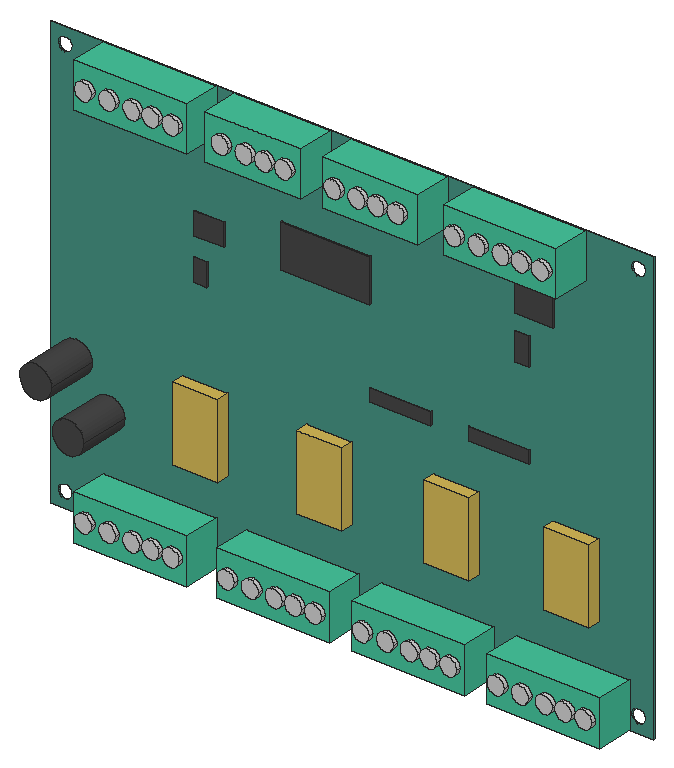
Revit family "TYCO-FPP-FireClass - FC410QIO QUAD IO MODULE", category Electrical Fixtures, Revit 2014
Parameters (values of type "TYCO-FPP-FireClass - FC410QIO QUAD IO MODULE")
  Width = 134 mm  # constant formula
  URL = "https://fireclass.co.uk/en/emea/Pages/ProductDetail.aspx?productdetail=Addressable+Modules"
  Type Comments = "The digital input monitoring and isolator functions are both\r\nconfigurable."
  Storage Temparature = "40 to +80 oC"
  ST = ST12
  Relay Output = "2A@30Vdc"
  RSS = res
  RS = RS
  PCB = PCB
  Operating Temperature = "-20 to +70 oC"
  Operating Humidity = "Up to 95 %"
  Model = "FireClass - 555.800.771"
  Manufacturer = "Tyco"
  Length = 96 mm  # constant formula
  Keynote = "The FC410QIO Quad Input/Output Module is designed to\r\nprovide four monitored digital inputs and four potential free relay\r\nchangeover outputs."
  Input EOL = "3k3 Ohm"
  Description = "Quad Input/ Output Unit"
  Approvals = "EN54-17, EN54-18 and\r\nEN54-13"
Reference planes
  plane 1 "Center (Front/Back)": y = 0
  plane 2: z = 0
  plane 3 "Center (Left/Right)": x = 0
  plane 4: z = 48
  plane 5: z = -48
  plane 6: x = -67
  plane 7: x = 67
Forms (mm)
  Extrusion 1, solid, material "PCB" <- "PCB", detail levels fine
    sketch origin (0, 0, 0) x (1, 0, 0) y (0, 0, 1)
      loop
        line (-67, 48) -> (-67, -48) -> (67, -48) -> (67, 48) -> (-67, 48)
      loop
        circle (63.688, 44.524) r 1.524
      loop
        circle (63.688, -44.524) r 1.524
      loop
        circle (-63.688, 44.524) r 1.524
      loop
        circle (-63.688, -44.524) r 1.524
    from 0 to -0.202
  Extrusion 2, solid, material "ST12" <- "ST", detail levels fine
    sketch origin (0, 0, 0) x (1, 0, 0) y (0, 0, 1)
      loop
        circle (-54.105, -25.495) r 3.518
      loop
        circle (-61.311, -16.907) r 3.518
    from 0 to 11.235
  Extrusion 3, solid, material "RS" <- "RS", detail levels fine
    sketch origin (0, 0, 0) x (1, 0, 0) y (0, 0, 1)
      loop
        line (-37.627, -28.782) -> (-27.627, -28.782) -> (-27.627, -12.282) -> (-37.627, -12.282) -> (-37.627, -28.782)
      loop
        line (-10, -28.782) -> (0, -28.782) -> (0, -12.282) -> (-10, -12.282) -> (-10, -28.782)
      loop
        line (18.186, -28.782) -> (28.186, -28.782) -> (28.186, -12.282) -> (18.186, -12.282) -> (18.186, -28.782)
      loop
        line (44.729, -28.782) -> (54.729, -28.782) -> (54.729, -12.282) -> (44.729, -12.282) -> (44.729, -28.782)
    from 0 to 2.827
  Extrusion 4, solid, material "ST12" <- "ST", detail levels fine
    sketch origin (0, 0, 0) x (1, 0, 0) y (0, 0, 1)
      loop
        line (-34.99, 21.563) -> (-34.99, 16.563) -> (-28.417, 16.563) -> (-28.417, 21.563) -> (-34.99, 21.563)
      loop
        line (-15.625, 26.182) -> (-15.625, 16.563) -> (4.095, 16.563) -> (4.095, 26.182) -> (-15.625, 26.182)
      loop
        line (4.095, -2.777) -> (17.598, -2.777) -> (17.598, 0) -> (4.095, 0) -> (4.095, -2.777)
      loop
        line (25.948, -2.777) -> (39.45, -2.777) -> (39.45, 0) -> (25.948, 0) -> (25.948, -2.777)
      loop
        line (-34.99, 12.307) -> (-34.99, 7.307) -> (-32.066, 7.307) -> (-32.066, 12.307) -> (-34.99, 12.307)
      loop
        line (36.272, 33.568) -> (36.272, 26.182) -> (44.799, 26.182) -> (44.799, 33.568) -> (36.272, 33.568)
      loop
        line (36.272, 22.704) -> (36.272, 16.563) -> (39.45, 16.563) -> (39.45, 22.704) -> (36.272, 22.704)
    from 0 to 0.208
  Extrusion 5, solid, material "res" <- "RSS", detail levels fine
    sketch origin (0, 0, 0) x (1, 0, 0) y (0, 0, 1)
      loop
        line (-55.155, 48) -> (-55.155, 38) -> (-30.155, 38) -> (-30.155, 48) -> (-55.155, 48)
      loop
        line (26.905, 48) -> (26.905, 38) -> (51.905, 38) -> (51.905, 48) -> (26.905, 48)
      loop
        line (-55.155, -38) -> (-55.155, -48) -> (-30.155, -48) -> (-30.155, -38) -> (-55.155, -38)
      loop
        line (-23.452, -38) -> (-23.452, -48) -> (1.548, -48) -> (1.548, -38) -> (-23.452, -38)
      loop
        line (6.548, -38) -> (6.548, -48) -> (31.548, -48) -> (31.548, -38) -> (6.548, -38)
      loop
        line (36.548, -38) -> (36.548, -48) -> (61.548, -48) -> (61.548, -38) -> (36.548, -38)
      loop
        line (-26.035, 48) -> (-26.035, 38) -> (-4.793, 38) -> (-4.793, 48) -> (-26.035, 48)
      loop
        line (0, 48) -> (0, 38) -> (21.242, 38) -> (21.242, 48) -> (0, 48)
    from 0 to 8.284
  Extrusion 6, solid, material "RSS(1)", detail levels fine
    sketch origin (0, -8.284, 0) x (1, 0, 0) y (0, 0, 1)
      loop
        circle (-52.483, -42.982) r 1.889
      loop
        circle (-47.109, -42.982) r 1.889
      loop
        circle (-41.796, -42.982) r 1.889
      loop
        circle (-37.494, -42.982) r 1.889
      loop
        circle (-33.047, -42.982) r 1.889
      loop
        circle (-20.78, -42.982) r 1.889
      loop
        circle (-15.407, -42.982) r 1.889
      loop
        circle (-10.094, -42.982) r 1.889
      loop
        circle (-5.792, -42.982) r 1.889
      loop
        circle (-1.345, -42.982) r 1.889
      loop
        circle (9.22, -42.982) r 1.889
      loop
        circle (14.593, -42.982) r 1.889
      loop
        circle (19.906, -42.982) r 1.889
      loop
        circle (24.208, -42.982) r 1.889
      loop
        circle (28.655, -42.982) r 1.889
      loop
        circle (39.22, -42.982) r 1.889
      loop
        circle (44.593, -42.982) r 1.889
      loop
        circle (49.906, -42.982) r 1.889
      loop
        circle (54.208, -42.982) r 1.889
      loop
        circle (58.655, -42.982) r 1.889
      loop
        circle (29.577, 43.018) r 1.889
      loop
        circle (34.95, 43.018) r 1.889
      loop
        circle (40.263, 43.018) r 1.889
      loop
        circle (44.566, 43.018) r 1.889
      loop
        circle (49.012, 43.018) r 1.889
      loop
        circle (-52.483, 43.018) r 1.889
      loop
        circle (-47.109, 43.018) r 1.889
      loop
        circle (-41.796, 43.018) r 1.889
      loop
        circle (-37.494, 43.018) r 1.889
      loop
        circle (-33.047, 43.018) r 1.889
      loop
        circle (-22.109, 43.018) r 1.889
      loop
        circle (-16.796, 43.018) r 1.889
      loop
        circle (-12.494, 43.018) r 1.889
      loop
        circle (-8.047, 43.018) r 1.889
      loop
        circle (2.891, 43.018) r 1.889
      loop
        circle (8.204, 43.018) r 1.889
      loop
        circle (12.506, 43.018) r 1.889
      loop
        circle (16.953, 43.018) r 1.889
    from 0 to 0.851
Lines and regions (mm)
  model lines, detail levels coarse+medium
    curve 1: line (-67, 0, 48) -> (67, 0, 48)
    curve 2: line (-67, 0, -48) -> (-67, 0, 48)
    curve 3: line (67, 0, -48) -> (-67, 0, -48)
    curve 4: line (67, 0, 48) -> (67, 0, -48)
Dimensions and locks
  equal spacing: plane 4, plane 2, plane 5
  "Length": plane 4 to plane 5
  equal spacing: plane 7, plane 3 "Center (Left/Right)", plane 6
  "Width": plane 7 to plane 6
  aligned and locked: level to plane 2
  aligned and locked: Extrusion 1 sketch curve to plane 4
  aligned and locked: plane 6 to Extrusion 1 sketch curve
  aligned and locked: Extrusion 1 sketch curve to plane 5
  aligned and locked: plane 7 to Extrusion 1 sketch curve
  aligned and locked: Extrusion 2 to plane 1 "Center (Front/Back)"
  aligned and locked: Extrusion 3 to plane 1 "Center (Front/Back)"
  aligned and locked: Extrusion 4 to plane 1 "Center (Front/Back)"
  aligned and locked: Extrusion 5 to plane 1 "Center (Front/Back)"
  aligned and locked: Extrusion 6 to Extrusion 5
  aligned and locked: curve 1 to plane 4
  aligned and locked: plane 7 to curve 4
  aligned and locked: curve 3 to plane 5
  aligned and locked: plane 6 to curve 2
Automatic sketch dimensions
  plane 6 to Extrusion 1 sketch curve = 3.312 mm  (x2)
  plane 7 to Extrusion 1 sketch curve = 3.312 mm  (x2)
  Extrusion 1 sketch curve to plane 5 = 3.476 mm  (x2)
  Extrusion 1 sketch curve to plane 4 = 3.476 mm  (x2)
  plane 6 to Extrusion 2 sketch curve = 5.689 mm
  Extrusion 2 sketch curve to Extrusion 2 sketch curve = 7.206 mm
  Extrusion 2 sketch curve to plane 5 = 22.505 mm
  Extrusion 2 sketch curve to Extrusion 2 sketch curve = 8.588 mm
  Extrusion 3 sketch curve to plane 3 "Center (Left/Right)" = 0 mm
  Extrusion 3 sketch curve to Extrusion 3 sketch curve = 10 mm  (x4)
  Extrusion 3 sketch curve to Extrusion 3 sketch curve = 17.627 mm
  plane 3 "Center (Left/Right)" to Extrusion 3 sketch curve = 18.186 mm
  Extrusion 3 sketch curve to Extrusion 3 sketch curve = 16.543 mm
  Extrusion 3 sketch curve to plane 5 = 19.218 mm  (x2)
  Extrusion 3 sketch curve to Extrusion 3 sketch curve = 0 mm  (x2)
  Extrusion 3 sketch curve to level = 12.282 mm  (x4)
  Extrusion 4 sketch curve to level = 0 mm  (x2)
  plane 6 to Extrusion 4 sketch curve = 32.01 mm
  Extrusion 4 sketch curve to Extrusion 4 sketch curve = 0 mm  (x3)
  Extrusion 4 sketch curve to Extrusion 4 sketch curve = 2.925 mm
  Extrusion 4 sketch curve to Extrusion 4 sketch curve = 6.574 mm
  Extrusion 4 sketch curve to Extrusion 4 sketch curve = 12.792 mm
  plane 3 "Center (Left/Right)" to Extrusion 4 sketch curve = 4.095 mm  (x2)
  Extrusion 4 sketch curve to Extrusion 4 sketch curve = 13.502 mm  (x2)
  Extrusion 4 sketch curve to level = 2.777 mm  (x2)
  Extrusion 4 sketch curve to Extrusion 4 sketch curve = 8.35 mm
  Extrusion 4 sketch curve to Extrusion 4 sketch curve = 10.324 mm
  Extrusion 4 sketch curve to Extrusion 4 sketch curve = 3.179 mm
  Extrusion 4 sketch curve to Extrusion 4 sketch curve = 5.349 mm
  level to Extrusion 4 sketch curve = 7.307 mm
  Extrusion 4 sketch curve to Extrusion 4 sketch curve = 5 mm  (x2)
  Extrusion 4 sketch curve to Extrusion 4 sketch curve = 4.256 mm
  Extrusion 4 sketch curve to Extrusion 4 sketch curve = 16.563 mm
  Extrusion 4 sketch curve to Extrusion 4 sketch curve = 6.141 mm
  Extrusion 4 sketch curve to Extrusion 4 sketch curve = 3.478 mm
  Extrusion 4 sketch curve to Extrusion 4 sketch curve = 9.619 mm
  Extrusion 4 sketch curve to Extrusion 4 sketch curve = 7.386 mm
  Extrusion 5 sketch curve to plane 4 = 0 mm  (x4)
  Extrusion 5 sketch curve to plane 5 = 0 mm  (x4)
  Extrusion 5 sketch curve to plane 3 "Center (Left/Right)" = 0 mm
  Extrusion 5 sketch curve to Extrusion 5 sketch curve = 4.793 mm
  Extrusion 5 sketch curve to plane 5 = 10 mm  (x2)
  Extrusion 5 sketch curve to plane 3 "Center (Left/Right)" = 23.452 mm
  Extrusion 5 sketch curve to plane 4 = 10 mm  (x2)
  Extrusion 5 sketch curve to Extrusion 5 sketch curve = 21.242 mm
  Extrusion 5 sketch curve to Extrusion 5 sketch curve = 4.12 mm
  Extrusion 5 sketch curve to Extrusion 5 sketch curve = 6.702 mm
  plane 6 to Extrusion 5 sketch curve = 11.845 mm  (x2)
  plane 3 "Center (Left/Right)" to Extrusion 5 sketch curve = 1.548 mm
  Extrusion 5 sketch curve to Extrusion 5 sketch curve = 5 mm  (x2)
  plane 3 "Center (Left/Right)" to Extrusion 5 sketch curve = 21.242 mm
  Extrusion 5 sketch curve to Extrusion 5 sketch curve = 5.663 mm
  Extrusion 5 sketch curve to Extrusion 5 sketch curve = 25 mm
  plane 7 to Extrusion 5 sketch curve = 15.095 mm
  plane 7 to Extrusion 5 sketch curve = 5.452 mm
  Extrusion 5 sketch curve to Extrusion 5 sketch curve = 10 mm
  Extrusion 5 sketch curve to Extrusion 5 sketch curve = 0 mm  (x3)
  Extrusion 6 sketch curve to Extrusion 5 = 2.672 mm  (x5)
  Extrusion 6 sketch curve to Extrusion 6 sketch curve = 5.373 mm  (x5)
  Extrusion 6 sketch curve to Extrusion 6 sketch curve = 5.313 mm  (x3)
  Extrusion 6 sketch curve to Extrusion 6 sketch curve = 4.302 mm  (x5)
  Extrusion 6 sketch curve to Extrusion 5 = 2.892 mm  (x4)
  Extrusion 6 sketch curve to Extrusion 5 = 1.343 mm
  Extrusion 6 sketch curve to Extrusion 5 = 5.301 mm
  Extrusion 6 sketch curve to Extrusion 5 = 3.254 mm
  Extrusion 6 sketch curve to Extrusion 5 = 0.998 mm
  Extrusion 5 to Extrusion 6 sketch curve = 1.345 mm
  Extrusion 5 to Extrusion 6 sketch curve = 1.343 mm
  Extrusion 6 sketch curve to Extrusion 5 = 1.656 mm
  Extrusion 6 sketch curve to Extrusion 5 = 4.289 mm
  Extrusion 6 sketch curve to Extrusion 5 = 1.336 mm
  Extrusion 5 to Extrusion 6 sketch curve = 2.697 mm
  Extrusion 6 sketch curve to Extrusion 5 = 1.75 mm
  Extrusion 6 sketch curve to Extrusion 5 = 1.971 mm
  Extrusion 5 to Extrusion 6 sketch curve = 1.597 mm
  Extrusion 6 sketch curve to Extrusion 5 = 3.716 mm
  Extrusion 6 sketch curve to Extrusion 5 = 1.999 mm
  Extrusion 5 to Extrusion 6 sketch curve = 2.303 mm
  Extrusion 6 sketch curve to Extrusion 5 = 4.982 mm  (x22)
  Extrusion 6 sketch curve to Extrusion 6 sketch curve = 0 mm  (x16)
  radius of Extrusion 1 sketch curve = 1.524 mm  (x4)
  radius of Extrusion 2 sketch curve = 3.518 mm  (x2)
  radius of Extrusion 6 sketch curve = 1.889 mm  (x38)
Connectors
  electrical at (0, 0.202, 0)
    settings: on Extrusion 1, index 1, voltage 24 V, apparent load 0 VA, apparent load phase1 0 VA, apparent load phase2 0 VA, apparent load phase3 0 VA, power factor 1, load classification "Other", number of poles 1, system type 31, power factor state 1, is connector primary yes, connector utility no, sub classification motor no, connector description ""
